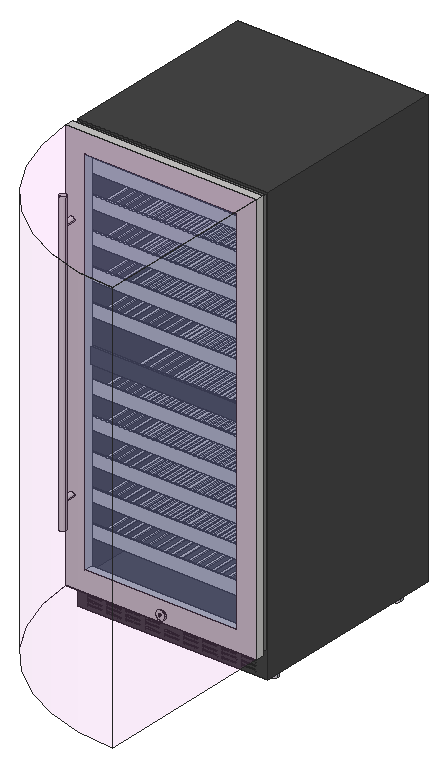
Revit family "QF_Summit_SWCP2116_Wine_Cellar", category Specialty Equipment, Revit 2020 (continued)
Automatic sketch dimensions
  Extrusion 15 sketch curve to Extrusion 15 sketch curve = 0.74889"  (x4)
  Extrusion 15 sketch curve to Extrusion 15 sketch curve = 0.74898"  (x10)
  Extrusion 15 sketch curve to Extrusion 15 sketch curve = 0.74906"
  Extrusion 9 to Extrusion 15 sketch curve = 0.7"
  Extrusion 9 to Extrusion 15 sketch curve = 1.37398"
  Extrusion 15 sketch curve to Extrusion 15 sketch curve = 1/8"  (x34)
  Extrusion 9 to Extrusion 15 sketch curve = 1.075"
  Extrusion 15 sketch curve to Extrusion 15 sketch curve = 3/8"
  Extrusion 15 sketch curve to Extrusion 15 sketch curve = 1/4"  (x23)
  Extrusion 16 sketch curve to Extrusion 16 sketch curve = 0"  (x56)
  Extrusion 7 to Extrusion 16 sketch curve = 3.54209"
  Extrusion 7 to Extrusion 16 sketch curve = 10 1/16"
  Split face 3 sketch curve to Extrusion 3 = 1/4"  (x2)
  Split face 3 sketch curve to Extrusion 3 = 7 3/4"
  Split face 3 sketch curve to Split face 3 sketch curve = 3 1/8"
  Split face 4 sketch curve to Split face 4 sketch curve = 0"  (x2)
  Split face 4 sketch curve to Extrusion 3 = 0.98087"
  Split face 4 sketch curve to Extrusion 3 = 4.77313"
  Split face 4 sketch curve to Split face 4 sketch curve = 35/128"
  Split face 5 sketch curve to Split face 5 sketch curve = 0"  (x2)
  Split face 5 sketch curve to Extrusion 2 = 6.02313"
  Split face 5 sketch curve to Extrusion 2 = 22.64413"
  Split face 5 sketch curve to Split face 5 sketch curve = 35/128"
  Split face 6 sketch curve to Split face 6 sketch curve = 0"  (x2)
  Split face 6 sketch curve to Extrusion 2 = 4.89813"
  Split face 6 sketch curve to Extrusion 2 = 22.64413"
  Split face 6 sketch curve to Split face 6 sketch curve = 35/128"
  Split face 7 sketch curve to Split face 7 sketch curve = 0"  (x2)
  Split face 7 sketch curve to Extrusion 2 = 6.14813"
  Split face 7 sketch curve to Extrusion 2 = 22.64413"
  Split face 7 sketch curve to Split face 7 sketch curve = 35/128"
  plane 4 "RIGHT" to Extrusion 52 sketch curve = 0.74979"  (x2)
  Extrusion 52 sketch curve to plane 14 = 8.45"
  Extrusion 52 sketch curve to plane 6 "TOP" = 10.175"
  Extrusion 53 sketch curve to plane 4 "RIGHT" = 3/4"
  plane 11 to Extrusion 53 sketch curve = 3/8"
  Extrusion 54 sketch curve to plane 3 "LEFT" = 0"
  plane 5 "FRONT" to Extrusion 54 sketch curve = 0"
  Extrusion 54 sketch curve to plane 3 "LEFT" = 3/8"
  Extrusion 54 sketch curve to plane 4 "RIGHT" = 0.02152"
  plane 9 to Extrusion 54 sketch curve = 3/4"
  curve 11 to curve 12 = 0"  (x2)
  curve 19 to curve 20 = 0"  (x2)
  curve 7 to plane 4 "RIGHT" = 0"
  plane 5 "FRONT" to curve 17 = 0"
  curve 4 to plane 9 = 0"
  plane 1 "BACK" to curve 1 = 0"
  plane 5 "FRONT" to curve 21 = 0"
  plane 5 "FRONT" to curve 15 = 0"
  curve 8 to plane 3 "LEFT" = 0"
  plane 4 "RIGHT" to curve 4 = 1/16"
  curve 7 to curve 15 = 3/8"
  curve 19 to plane 11 = 3/8"
  plane 4 "RIGHT" to curve 19 = 3/4"
  plane 4 "RIGHT" to curve 18 = 3.66235"
  plane 15 to curve 16 = 2.47485"
  curve 11 to plane 15 = 7/16"
  plane 3 "LEFT" to curve 17 = 3/8"
  plane 3 "LEFT" to curve 3 = 1/16"
  curve 7 to plane 9 = 3/4"
  curve 15 to curve 6 = 0"
  curve 5 to curve 17 = 0"
  curve 12 to plane 11 = 3/8"
  plane 11 to curve 16 = 9.77544"
  plane 11 to curve 18 = 9.77544"
  curve 3 to curve 6 = 3/16"
  curve 19 to curve 19 = 3/8"
  curve 17 to curve 21 = 0.41577"
  curve 22 to curve 19 = 0.06271"
  curve 12 to plane 15 = 1/16"
  curve 14 to plane 15 = 0.12521"
  curve 13 to curve 15 = 0.41577"
  curve 17 to curve 5 = 1/8"
  radius of Extrusion 20 sketch curve = 0.11817"  (x19)
  radius of Extrusion 23 sketch curve = 0.11817"  (x19)
  radius of Extrusion 26 sketch curve = 0.11817"  (x19)
  radius of Extrusion 29 sketch curve = 0.11817"  (x19)
  radius of Extrusion 32 sketch curve = 0.11817"  (x19)
  radius of Extrusion 35 sketch curve = 0.11817"  (x19)
  radius of Extrusion 38 sketch curve = 0.11817"  (x19)
  radius of Extrusion 41 sketch curve = 0.11817"  (x19)
  radius of Extrusion 44 sketch curve = 0.11817"  (x19)
  radius of Extrusion 47 sketch curve = 0.11817"  (x19)
  radius of Extrusion 50 sketch curve = 0.11817"  (x19)
  radius of Extrusion 4 sketch curve = 5/16"  (x2)
  radius of Extrusion 5 sketch curve = 3/8"
  radius of Extrusion 6 sketch curve = 1/4"
  radius of Split face 1 sketch curve = 35/128"
  radius of Split face 2 sketch curve = 35/128"
  radius of Extrusion 16 sketch curve = 2 1/4"
  radius of Extrusion 16 sketch curve = 2 5/32"
  radius of Extrusion 16 sketch curve = 1 7/8"
  radius of Extrusion 16 sketch curve = 1 25/32"
  radius of Extrusion 16 sketch curve = 1 1/2"
  radius of Extrusion 16 sketch curve = 1 13/32"
  radius of Extrusion 16 sketch curve = 1 1/8"
  radius of Extrusion 16 sketch curve = 1 1/32"
  radius of Extrusion 52 sketch curve = 5/16"  (x2)
  radius of Extrusion 53 sketch curve = 3/8"
Connectors (in)
  electrical at (20.06926, 0.10156, 1.77333), driven by "Volts", driven by "Apparent Power"
    settings: on Extrusion 6, index 1, voltage 115 V, apparent load 230 VA, apparent load phase1 0 VA, apparent load phase2 0 VA, apparent load phase3 0 VA, power factor 1, load classification "Other", number of poles 1, system type 30, power factor state 1, is connector primary yes, connector utility no, sub classification motor no, connector description "Electrical Connection"
